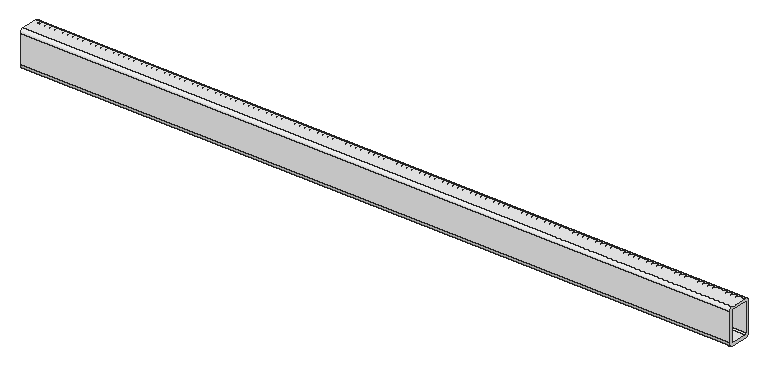
Revit family "CRV - Cortes retangulares vazados", category Quadro estrutural, Revit 2019
Family settings
  Arredondamento do comprimento do framing estrutural = 1 mm
  Forma do corte = Não definido
  Material para o comportamento do modelo = Aço
  Exportar sempre como geometria = Não
  Sempre na vertical = Sim
  Corte com vazios quando carregada = Não
  Representação simbólica = Das configurações de projeto
  Compartilhado = Não
  Exibir o pré-corte da família na vista da planta = Sim
Parameters (values of type "RHS 60x40x4")
  ro = 6 mm
  t = 4 mm
  ri = 2 mm
  W = 0.00544
  Structural Material [instance] = Metal - Aço - 250 MPa
  d = 60 mm
  b = 40 mm
  Assembly Code = ""
  Length [instance] = 1500 mm
  A = 0.000693 m²
Reference planes
  plane 1 "Centro (Frente/Trás)": y = 0
  plane 2: z = 0
  plane 3 "Centro (Esquerda/Direita)": x = 4.61
  plane 4 "Membro esquerdo": x = -604.99
  plane 5 "Membro direito": x = 614.21
  plane 6 "Direita": x = 766.61
  plane 7 "Esquerda": x = -733.39
  plane 8: y = 20
  plane 9: y = -20
  plane 10: z = -30
  plane 11: z = 30
Forms (mm)
  Sweep 1, solid, material "Metal - Aço - 250 MPa" <- "Structural Material", detail levels medium
    path origin (0, 0, 0) x (1, 0, 0) y (0, 1, 0)
      loop
        line (-604.99, 0) -> (614.21, 0)
    profile "CRV - Cortes retangulares vazados - Perfil - Médio : CRV - Cortes retangulares vazados - Perfil - Médio" origin (4.61, 0, 0) x (0, 1, 0) y (0, 0, 1)
      loop
        line (-16, 26) -> (-16, -26) -> (16, -26) -> (16, 26) -> (-16, 26)
      loop
        line (-20, 30) -> (-20, -30) -> (20, -30) -> (20, 30) -> (-20, 30)
  Sweep 2, solid, material "Metal - Aço - 250 MPa" <- "Structural Material", detail levels fine
    path origin (0, 0, 0) x (1, 0, 0) y (0, 1, 0)
      loop
        line (-604.99, 0) -> (614.21, 0)
    profile "CRV - Cortes retangulares vazados - Perfil - Alto : CRV - Cortes retangulares vazados - Perfil - Alto" origin (4.61, 0, 0) x (0, 1, 0) y (0, 0, 1)
      loop
        arc (-14, 26) -> (-15.414, 25.414) -> (-16, 24) r 2
        line (-16, 24) -> (-16, -24)
        arc (-16, -24) -> (-15.414, -25.414) -> (-14, -26) r 2
        line (-14, -26) -> (14, -26)
        arc (14, -26) -> (15.414, -25.414) -> (16, -24) r 2
        line (16, -24) -> (16, 24)
        arc (16, 24) -> (15.414, 25.414) -> (14, 26) r 2
        line (14, 26) -> (-14, 26)
      loop
        arc (-14, 30) -> (-18.243, 28.243) -> (-20, 24) r 6
        line (-20, 24) -> (-20, -24)
        arc (-20, -24) -> (-18.243, -28.243) -> (-14, -30) r 6
        line (-14, -30) -> (14, -30)
        arc (14, -30) -> (18.243, -28.243) -> (20, -24) r 6
        line (20, -24) -> (20, 24)
        arc (20, 24) -> (18.243, 28.243) -> (14, 30) r 6
        line (14, 30) -> (-14, 30)
Lines and regions (mm)
  symbolic lines, style "Símbolos de vara", detail levels coarse
    curve 1: line (-733.39, -20, 30) -> (-733.39, 20, 30)
    curve 2: line (-733.39, 20, 30) -> (-733.39, 20, -30)
    curve 3: line (-733.39, -20, -30) -> (-733.39, -20, 30)
    curve 4: line (-733.39, 20, -30) -> (-733.39, -20, -30)
  symbolic lines, style "Faces ocultas", detail levels medium+fine
    curve 5: line (-604.99, 16, 0) -> (614.21, 16, 0)
    curve 6: line (-604.99, -16, 0) -> (614.21, -16, 0)
    curve 7: line (-604.99, 0, 26) -> (614.21, 0, 26)
    curve 8: line (614.21, 0, -26) -> (-604.99, 0, -26)
Dimensions and locks
  "Length": plane 7 "Esquerda" to plane 6 "Direita"
  equal spacing: plane 8, plane 1 "Centro (Frente/Trás)", plane 9
  "b": plane 8 to plane 9
  equal spacing: plane 11, plane 2, plane 10
  "d": plane 10 to plane 11
  aligned and locked: plane 1 "Centro (Frente/Trás)" to Sweep 1 sketch curve
  aligned and locked: plane 1 "Centro (Frente/Trás)" to Sweep 2 sketch curve
  aligned and locked: curve 1 to Sweep 1
  aligned and locked: curve 2 to Sweep 1
  aligned and locked: curve 3 to Sweep 1
  aligned and locked: curve 4 to Sweep 1
  aligned and locked: curve 5 to Sweep 1
  aligned and locked: curve 6 to Sweep 1
  aligned and locked: curve 7 to Sweep 1
  aligned and locked: curve 8 to Sweep 1
  aligned and locked: plane 4 "Membro esquerdo" to Sweep 1 sketch curve
  aligned and locked: plane 5 "Membro direito" to Sweep 1 sketch curve
  aligned and locked: plane 4 "Membro esquerdo" to Sweep 2 sketch curve
  aligned and locked: plane 5 "Membro direito" to Sweep 2 sketch curve
  aligned and locked: plane 4 "Membro esquerdo" to curve 5
  aligned and locked: plane 5 "Membro direito" to curve 5
  aligned and locked: plane 4 "Membro esquerdo" to curve 6
  aligned and locked: plane 5 "Membro direito" to curve 6
  aligned and locked: plane 4 "Membro esquerdo" to curve 7
  aligned and locked: plane 5 "Membro direito" to curve 7
  aligned and locked: plane 4 "Membro esquerdo" to curve 8
  aligned and locked: plane 5 "Membro direito" to curve 8
Types in the file's own list only (229): name | ro | t | ri | W | d | b | A
  RHS 60x40x4.8 | 7 mm | 5 mm | 2 mm | 0.00654 | 60 mm | 40 mm | 0.00 m²
  RHS 60x40x5.5 | 8 mm | 6 mm | 3 mm | 0.00748 | 60 mm | 40 mm | 0.00 m²
  RHS 60x40x6.4 | 10 mm | 6 mm | 3 mm | 0.00845 | 60 mm | 40 mm | 0.00 m²
  RHS 75x50x4.8 | 7 mm | 5 mm | 2 mm | 0.00804 | 75 mm | 50 mm | 0.00 m²
  RHS 75x50x5.5 | 8 mm | 6 mm | 3 mm | 0.00914 | 75 mm | 50 mm | 0.00 m²
  RHS 75x50x6.4 | 10 mm | 6 mm | 3 mm | 0.0104 | 75 mm | 50 mm | 0.00 m²
  RHS 75x50x7.1 | 11 mm | 7 mm | 4 mm | 0.0114 | 75 mm | 50 mm | 0.00 m²
  RHS 85x40x4.8 | 7 mm | 5 mm | 2 mm | 0.00804 | 85 mm | 40 mm | 0.00 m²
  RHS 85x40x5.5 | 8 mm | 6 mm | 3 mm | 0.00914 | 85 mm | 40 mm | 0.00 m²
  RHS 85x40x6.4 | 10 mm | 6 mm | 3 mm | 0.0104 | 85 mm | 40 mm | 0.00 m²
  RHS 85x40x7.1 | 11 mm | 7 mm | 4 mm | 0.0114 | 85 mm | 40 mm | 0.00 m²
  RHS 85x60x4.8 | 7 mm | 5 mm | 2 mm | 0.00992 | 85 mm | 60 mm | 0.00 m²
  RHS 85x60x5.5 | 8 mm | 6 mm | 3 mm | 0.0113 | 85 mm | 60 mm | 0.00 m²
  RHS 85x60x6.4 | 10 mm | 6 mm | 3 mm | 0.0129 | 85 mm | 60 mm | 0.00 m²
  RHS 85x60x7.9 | 12 mm | 8 mm | 4 mm | 0.0152 | 85 mm | 60 mm | 0.00 m²
  RHS 100x50x4.8 | 7 mm | 5 mm | 2 mm | 0.00992 | 100 mm | 50 mm | 0.00 m²
  RHS 100x50x5.5 | 8 mm | 6 mm | 3 mm | 0.0113 | 100 mm | 50 mm | 0.00 m²
  RHS 100x50x6.4 | 10 mm | 6 mm | 3 mm | 0.0129 | 100 mm | 50 mm | 0.00 m²
  RHS 100x50x7.9 | 12 mm | 8 mm | 4 mm | 0.0152 | 100 mm | 50 mm | 0.00 m²
  RHS 100x75x4.8 | 7 mm | 5 mm | 2 mm | 0.0114 | 100 mm | 75 mm | 0.00 m²
  RHS 100x75x5.5 | 8 mm | 6 mm | 3 mm | 0.0136 | 100 mm | 75 mm | 0.00 m²
  RHS 100x75x6.4 | 10 mm | 6 mm | 3 mm | 0.0149 | 100 mm | 75 mm | 0.00 m²
  RHS 100x75x7.1 | 11 mm | 7 mm | 4 mm | 0.0166 | 100 mm | 75 mm | 0.00 m²
  RHS 100x75x7.9 | 12 mm | 8 mm | 4 mm | 0.0186 | 100 mm | 75 mm | 0.00 m²
  RHS 110x60x4.8 | 7 mm | 5 mm | 2 mm | 0.0114 | 110 mm | 60 mm | 0.00 m²
  RHS 110x60x5.5 | 8 mm | 6 mm | 3 mm | 0.0136 | 110 mm | 60 mm | 0.00 m²
  RHS 110x60x6.4 | 10 mm | 6 mm | 3 mm | 0.0149 | 110 mm | 60 mm | 0.00 m²
  RHS 110x60x7.1 | 11 mm | 7 mm | 4 mm | 0.0166 | 110 mm | 60 mm | 0.00 m²
  RHS 110x60x7.9 | 12 mm | 8 mm | 4 mm | 0.0186 | 110 mm | 60 mm | 0.00 m²
  RHS 110x85x4.8 | 7 mm | 5 mm | 2 mm | 0.0129 | 110 mm | 85 mm | 0.00 m²
  RHS 110x85x5.5 | 8 mm | 6 mm | 3 mm | 0.0149 | 110 mm | 85 mm | 0.00 m²
  RHS 110x85x6.4 | 10 mm | 6 mm | 3 mm | 0.0169 | 110 mm | 85 mm | 0.00 m²
  RHS 110x85x7.1 | 11 mm | 7 mm | 4 mm | 0.0189 | 110 mm | 85 mm | 0.00 m²
  RHS 110x85x8.4 | 13 mm | 8 mm | 4 mm | 0.0223 | 110 mm | 85 mm | 0.00 m²
  RHS 120x50x4.8 | 7 mm | 5 mm | 2 mm | 0.0114 | 120 mm | 50 mm | 0.00 m²
  RHS 120x50x5.5 | 8 mm | 6 mm | 3 mm | 0.0136 | 120 mm | 50 mm | 0.00 m²
  RHS 120x50x6.4 | 10 mm | 6 mm | 3 mm | 0.0149 | 120 mm | 50 mm | 0.00 m²
  RHS 120x50x7.1 | 11 mm | 7 mm | 4 mm | 0.0166 | 120 mm | 50 mm | 0.00 m²
  RHS 120x50x7.9 | 12 mm | 8 mm | 4 mm | 0.0186 | 120 mm | 50 mm | 0.00 m²
  RHS 120x75x4.8 | 7 mm | 5 mm | 2 mm | 0.0129 | 120 mm | 75 mm | 0.00 m²
  RHS 120x75x5.5 | 8 mm | 6 mm | 3 mm | 0.0149 | 120 mm | 75 mm | 0.00 m²
  RHS 120x75x6.4 | 10 mm | 6 mm | 3 mm | 0.0169 | 120 mm | 75 mm | 0.00 m²
  RHS 120x75x7.1 | 11 mm | 7 mm | 4 mm | 0.0189 | 120 mm | 75 mm | 0.00 m²
  RHS 120x75x8.4 | 13 mm | 8 mm | 4 mm | 0.0223 | 120 mm | 75 mm | 0.00 m²
  RHS 120x100x4.8 | 7 mm | 5 mm | 2 mm | 0.0144 | 120 mm | 100 mm | 0.00 m²
  RHS 120x100x5.5 | 8 mm | 6 mm | 3 mm | 0.0167 | 120 mm | 100 mm | 0.00 m²
  RHS 120x100x6.4 | 10 mm | 6 mm | 3 mm | 0.0189 | 120 mm | 100 mm | 0.00 m²
  RHS 120x100x7.1 | 11 mm | 7 mm | 4 mm | 0.0211 | 120 mm | 100 mm | 0.00 m²
  RHS 120x100x8.4 | 13 mm | 8 mm | 4 mm | 0.025 | 120 mm | 100 mm | 0.00 m²
  RHS 130x60x4.8 | 7 mm | 5 mm | 2 mm | 0.0129 | 130 mm | 60 mm | 0.00 m²
  RHS 130x60x5.5 | 8 mm | 6 mm | 3 mm | 0.0149 | 130 mm | 60 mm | 0.00 m²
  RHS 130x60x6.4 | 10 mm | 6 mm | 3 mm | 0.0169 | 130 mm | 60 mm | 0.00 m²
  RHS 130x60x7.1 | 11 mm | 7 mm | 4 mm | 0.0189 | 130 mm | 60 mm | 0.00 m²
  RHS 130x60x8.4 | 13 mm | 8 mm | 4 mm | 0.0223 | 130 mm | 60 mm | 0.00 m²
  RHS 130x85x4.8 | 7 mm | 5 mm | 2 mm | 0.0144 | 130 mm | 85 mm | 0.00 m²
  RHS 130x85x5.5 | 8 mm | 6 mm | 3 mm | 0.0167 | 130 mm | 85 mm | 0.00 m²
  RHS 130x85x6.4 | 10 mm | 6 mm | 3 mm | 0.0189 | 130 mm | 85 mm | 0.00 m²
  RHS 130x85x7.1 | 11 mm | 7 mm | 4 mm | 0.0211 | 130 mm | 85 mm | 0.00 m²
  RHS 130x85x8.4 | 13 mm | 8 mm | 4 mm | 0.025 | 130 mm | 85 mm | 0.00 m²
  RHS 130x110x4.8 | 7 mm | 5 mm | 2 mm | 0.0161 | 130 mm | 110 mm | 0.00 m²
  RHS 130x110x5.5 | 8 mm | 6 mm | 3 mm | 0.0186 | 130 mm | 110 mm | 0.00 m²
  RHS 130x110x6.4 | 10 mm | 6 mm | 3 mm | 0.0218 | 130 mm | 110 mm | 0.00 m²
  RHS 130x110x7.9 | 12 mm | 8 mm | 4 mm | 0.0261 | 130 mm | 110 mm | 0.00 m²
  RHS 130x110x9.5 | 14 mm | 10 mm | 5 mm | 0.031 | 130 mm | 110 mm | 0.00 m²
  RHS 140x75x4.8 | 7 mm | 5 mm | 2 mm | 0.0144 | 140 mm | 75 mm | 0.00 m²
  RHS 140x75x5.5 | 8 mm | 6 mm | 3 mm | 0.0167 | 140 mm | 75 mm | 0.00 m²
  RHS 140x75x6.4 | 10 mm | 6 mm | 3 mm | 0.0189 | 140 mm | 75 mm | 0.00 m²
  RHS 140x75x7.1 | 11 mm | 7 mm | 4 mm | 0.0211 | 140 mm | 75 mm | 0.00 m²
  RHS 140x75x8.4 | 13 mm | 8 mm | 4 mm | 0.025 | 140 mm | 75 mm | 0.00 m²
  RHS 140x100x4.8 | 7 mm | 5 mm | 2 mm | 0.0161 | 140 mm | 100 mm | 0.00 m²
  RHS 140x100x5.5 | 8 mm | 6 mm | 3 mm | 0.0186 | 140 mm | 100 mm | 0.00 m²
  RHS 140x100x6.4 | 10 mm | 6 mm | 3 mm | 0.0218 | 140 mm | 100 mm | 0.00 m²
  RHS 140x100x7.9 | 12 mm | 8 mm | 4 mm | 0.0261 | 140 mm | 100 mm | 0.00 m²
  RHS 140x100x9.5 | 14 mm | 10 mm | 5 mm | 0.031 | 140 mm | 100 mm | 0.00 m²
  RHS 140x120x4.8 | 7 mm | 5 mm | 2 mm | 0.0178 | 140 mm | 120 mm | 0.00 m²
  RHS 140x120x5.5 | 8 mm | 6 mm | 3 mm | 0.0206 | 140 mm | 120 mm | 0.00 m²
  RHS 140x120x6.4 | 10 mm | 6 mm | 3 mm | 0.0241 | 140 mm | 120 mm | 0.00 m²
  RHS 140x120x7.9 | 12 mm | 8 mm | 4 mm | 0.0289 | 140 mm | 120 mm | 0.00 m²
  RHS 140x120x9.5 | 14 mm | 10 mm | 5 mm | 0.0344 | 140 mm | 120 mm | 0.00 m²
  RHS 150x85x4.8 | 7 mm | 5 mm | 2 mm | 0.0161 | 150 mm | 85 mm | 0.00 m²
  RHS 150x85x5.5 | 8 mm | 6 mm | 3 mm | 0.0186 | 150 mm | 85 mm | 0.00 m²
  RHS 150x85x6.4 | 10 mm | 6 mm | 3 mm | 0.0218 | 150 mm | 85 mm | 0.00 m²
  RHS 150x85x7.9 | 12 mm | 8 mm | 4 mm | 0.0261 | 150 mm | 85 mm | 0.00 m²
  RHS 150x85x9.5 | 14 mm | 10 mm | 5 mm | 0.031 | 150 mm | 85 mm | 0.00 m²
  RHS 150x110x4.8 | 7 mm | 5 mm | 2 mm | 0.0178 | 150 mm | 110 mm | 0.00 m²
  RHS 150x110x5.5 | 8 mm | 6 mm | 3 mm | 0.0206 | 150 mm | 110 mm | 0.00 m²
  RHS 150x110x6.4 | 10 mm | 6 mm | 3 mm | 0.0242 | 150 mm | 110 mm | 0.00 m²
  RHS 150x110x7.9 | 12 mm | 8 mm | 4 mm | 0.0289 | 150 mm | 110 mm | 0.00 m²
  RHS 150x110x9.5 | 14 mm | 10 mm | 5 mm | 0.0344 | 150 mm | 110 mm | 0.00 m²
  RHS 150x130x4.8 | 7 mm | 5 mm | 2 mm | 0.0194 | 150 mm | 130 mm | 0.00 m²
  RHS 150x130x6.4 | 10 mm | 6 mm | 3 mm | 0.0254 | 150 mm | 130 mm | 0.00 m²
  RHS 150x130x7.1 | 11 mm | 7 mm | 4 mm | 0.0283 | 150 mm | 130 mm | 0.00 m²
  RHS 150x130x9.5 | 14 mm | 10 mm | 5 mm | 0.0373 | 150 mm | 130 mm | 0.00 m²
  RHS 150x130x11.1 | 17 mm | 11 mm | 6 mm | 0.0426 | 150 mm | 130 mm | 0.01 m²
  RHS 160x100x4.8 | 7 mm | 5 mm | 2 mm | 0.0178 | 160 mm | 100 mm | 0.00 m²
  RHS 160x100x5.5 | 8 mm | 6 mm | 3 mm | 0.0206 | 160 mm | 100 mm | 0.00 m²
  RHS 160x100x6.4 | 10 mm | 6 mm | 3 mm | 0.0241 | 160 mm | 100 mm | 0.00 m²
  RHS 160x100x7.9 | 12 mm | 8 mm | 4 mm | 0.0289 | 160 mm | 100 mm | 0.00 m²
  RHS 160x100x9.5 | 14 mm | 10 mm | 5 mm | 0.0344 | 160 mm | 100 mm | 0.00 m²
  RHS 160x120x4.8 | 7 mm | 5 mm | 2 mm | 0.0194 | 160 mm | 120 mm | 0.00 m²
  RHS 160x120x6.4 | 10 mm | 6 mm | 3 mm | 0.0254 | 160 mm | 120 mm | 0.00 m²
  RHS 160x120x7.1 | 11 mm | 7 mm | 4 mm | 0.0283 | 160 mm | 120 mm | 0.00 m²
  RHS 160x120x9.5 | 14 mm | 10 mm | 5 mm | 0.0373 | 160 mm | 120 mm | 0.00 m²
  RHS 160x120x10.3 | 15 mm | 10 mm | 5 mm | 0.0426 | 160 mm | 120 mm | 0.01 m²
  RHS 160x140x4.8 | 7 mm | 5 mm | 2 mm | 0.0205 | 160 mm | 140 mm | 0.00 m²
  RHS 160x140x6.4 | 10 mm | 6 mm | 3 mm | 0.0269 | 160 mm | 140 mm | 0.00 m²
  RHS 160x140x7.1 | 11 mm | 7 mm | 4 mm | 0.0299 | 160 mm | 140 mm | 0.00 m²
  RHS 160x140x9.5 | 14 mm | 10 mm | 5 mm | 0.0396 | 160 mm | 140 mm | 0.01 m²
  RHS 160x140x11.1 | 17 mm | 11 mm | 6 mm | 0.0451 | 160 mm | 140 mm | 0.01 m²
  RHS 180x100x4.8 | 7 mm | 5 mm | 2 mm | 0.0194 | 180 mm | 100 mm | 0.00 m²
  RHS 180x100x6.4 | 10 mm | 6 mm | 3 mm | 0.0254 | 180 mm | 100 mm | 0.00 m²
  RHS 180x100x7.1 | 11 mm | 7 mm | 4 mm | 0.0283 | 180 mm | 100 mm | 0.00 m²
  RHS 180x100x9.5 | 14 mm | 10 mm | 5 mm | 0.0373 | 180 mm | 100 mm | 0.00 m²
  RHS 180x100x10.3 | 15 mm | 10 mm | 5 mm | 0.0426 | 180 mm | 100 mm | 0.01 m²
  RHS 180x120x4.8 | 7 mm | 5 mm | 2 mm | 0.0205 | 180 mm | 120 mm | 0.00 m²
  RHS 180x120x6.4 | 10 mm | 6 mm | 3 mm | 0.0269 | 180 mm | 120 mm | 0.00 m²
  RHS 180x120x7.1 | 11 mm | 7 mm | 4 mm | 0.0299 | 180 mm | 120 mm | 0.00 m²
  RHS 180x120x9.5 | 14 mm | 10 mm | 5 mm | 0.0396 | 180 mm | 120 mm | 0.01 m²
  RHS 180x120x11.1 | 17 mm | 11 mm | 6 mm | 0.0451 | 180 mm | 120 mm | 0.01 m²
  RHS 180x140x6.4 | 10 mm | 6 mm | 3 mm | 0.0296 | 180 mm | 140 mm | 0.00 m²
  RHS 180x140x7.1 | 11 mm | 7 mm | 4 mm | 0.0326 | 180 mm | 140 mm | 0.00 m²
  RHS 180x140x7.9 | 12 mm | 8 mm | 4 mm | 0.0375 | 180 mm | 140 mm | 0.00 m²
  RHS 180x140x9.5 | 14 mm | 10 mm | 5 mm | 0.0435 | 180 mm | 140 mm | 0.01 m²
  RHS 180x140x12.7 | 19 mm | 13 mm | 6 mm | 0.0567 | 180 mm | 140 mm | 0.01 m²
  RHS 200x100x4.8 | 7 mm | 5 mm | 2 mm | 0.0205 | 200 mm | 100 mm | 0.00 m²
  RHS 200x100x6.4 | 10 mm | 6 mm | 3 mm | 0.0269 | 200 mm | 100 mm | 0.00 m²
  RHS 200x100x7.1 | 11 mm | 7 mm | 4 mm | 0.0299 | 200 mm | 100 mm | 0.00 m²
  RHS 200x100x9.5 | 14 mm | 10 mm | 5 mm | 0.0495 | 200 mm | 100 mm | 0.01 m²
  RHS 200x120x6.4 | 10 mm | 6 mm | 3 mm | 0.0296 | 200 mm | 120 mm | 0.00 m²
  RHS 200x120x7.1 | 11 mm | 7 mm | 4 mm | 0.0326 | 200 mm | 120 mm | 0.00 m²
  RHS 200x120x7.9 | 12 mm | 8 mm | 4 mm | 0.0375 | 200 mm | 120 mm | 0.00 m²
  RHS 200x120x9.5 | 14 mm | 10 mm | 5 mm | 0.0435 | 200 mm | 120 mm | 0.01 m²
  RHS 200x120x12.7 | 19 mm | 13 mm | 6 mm | 0.0567 | 200 mm | 120 mm | 0.01 m²
  RHS 200x160x6.4 | 10 mm | 6 mm | 3 mm | 0.0336 | 200 mm | 160 mm | 0.00 m²
  RHS 200x160x7.1 | 11 mm | 7 mm | 4 mm | 0.0371 | 200 mm | 160 mm | 0.00 m²
  RHS 200x160x7.9 | 12 mm | 8 mm | 4 mm | 0.0427 | 200 mm | 160 mm | 0.01 m²
  RHS 200x160x9.5 | 14 mm | 10 mm | 5 mm | 0.0495 | 200 mm | 160 mm | 0.01 m²
  RHS 200x160x10.3 | 15 mm | 10 mm | 5 mm | 0.0451 | 200 mm | 160 mm | 0.01 m²
  RHS 200x160x12.7 | 19 mm | 13 mm | 6 mm | 0.0646 | 200 mm | 160 mm | 0.01 m²
  RHS 225x110x6.4 | 10 mm | 6 mm | 3 mm | 0.0296 | 225 mm | 110 mm | 0.00 m²
  RHS 225x110x7.1 | 11 mm | 7 mm | 4 mm | 0.0326 | 225 mm | 110 mm | 0.00 m²
  RHS 225x110x7.9 | 12 mm | 8 mm | 4 mm | 0.0375 | 225 mm | 110 mm | 0.00 m²
  RHS 225x110x9.5 | 14 mm | 10 mm | 5 mm | 0.0554 | 225 mm | 110 mm | 0.01 m²
  RHS 225x110x12.7 | 19 mm | 13 mm | 6 mm | 0.0567 | 225 mm | 110 mm | 0.01 m²
  RHS 225x140x6.4 | 10 mm | 6 mm | 3 mm | 0.0336 | 225 mm | 140 mm | 0.00 m²
  RHS 225x140x7.1 | 11 mm | 7 mm | 4 mm | 0.0371 | 225 mm | 140 mm | 0.00 m²
  RHS 225x140x7.9 | 12 mm | 8 mm | 4 mm | 0.0427 | 225 mm | 140 mm | 0.01 m²
  RHS 225x140x9.5 | 14 mm | 10 mm | 5 mm | 0.0495 | 225 mm | 140 mm | 0.01 m²
  RHS 225x140x12.7 | 19 mm | 13 mm | 6 mm | 0.0646 | 225 mm | 140 mm | 0.01 m²
  RHS 225x180x6.4 | 10 mm | 6 mm | 3 mm | 0.0376 | 225 mm | 180 mm | 0.00 m²
  RHS 225x180x7.1 | 11 mm | 7 mm | 4 mm | 0.0415 | 225 mm | 180 mm | 0.01 m²
  RHS 225x180x7.9 | 12 mm | 8 mm | 4 mm | 0.0478 | 225 mm | 180 mm | 0.01 m²
  RHS 225x180x9.5 | 14 mm | 10 mm | 5 mm | 0.0554 | 225 mm | 180 mm | 0.01 m²
  RHS 225x180x12.7 | 19 mm | 13 mm | 6 mm | 0.0726 | 225 mm | 180 mm | 0.01 m²
  RHS 245x120x6.4 | 10 mm | 6 mm | 3 mm | 0.0336 | 245 mm | 120 mm | 0.00 m²
  RHS 245x120x7.1 | 11 mm | 7 mm | 4 mm | 0.0371 | 245 mm | 120 mm | 0.00 m²
  RHS 245x120x7.9 | 12 mm | 8 mm | 4 mm | 0.0427 | 245 mm | 120 mm | 0.01 m²
  RHS 245x120x9.5 | 14 mm | 10 mm | 5 mm | 0.0605 | 245 mm | 120 mm | 0.01 m²
  RHS 245x120x12.7 | 19 mm | 13 mm | 6 mm | 0.0646 | 245 mm | 120 mm | 0.01 m²
  RHS 245x160x6.4 | 10 mm | 6 mm | 3 mm | 0.0376 | 245 mm | 160 mm | 0.00 m²
  RHS 245x160x7.1 | 11 mm | 7 mm | 4 mm | 0.0415 | 245 mm | 160 mm | 0.01 m²
  RHS 245x160x7.9 | 12 mm | 8 mm | 4 mm | 0.0478 | 245 mm | 160 mm | 0.01 m²
  RHS 245x160x9.5 | 14 mm | 10 mm | 5 mm | 0.0554 | 245 mm | 160 mm | 0.01 m²
  RHS 245x160x12.7 | 19 mm | 13 mm | 6 mm | 0.0726 | 245 mm | 160 mm | 0.01 m²
  RHS 245x200x6.4 | 10 mm | 6 mm | 3 mm | 0.0421 | 245 mm | 200 mm | 0.01 m²
  RHS 245x200x7.9 | 12 mm | 8 mm | 4 mm | 0.051 | 245 mm | 200 mm | 0.01 m²
  RHS 245x200x8.4 | 13 mm | 8 mm | 4 mm | 0.0567 | 245 mm | 200 mm | 0.01 m²
  RHS 245x200x9.5 | 14 mm | 10 mm | 5 mm | 0.0605 | 245 mm | 200 mm | 0.01 m²
  RHS 245x200x12.7 | 19 mm | 13 mm | 6 mm | 0.0815 | 245 mm | 200 mm | 0.01 m²
  RHS 265x140x6.4 | 10 mm | 6 mm | 3 mm | 0.0376 | 265 mm | 140 mm | 0.00 m²
  RHS 265x140x7.1 | 11 mm | 7 mm | 4 mm | 0.0415 | 265 mm | 140 mm | 0.01 m²
  RHS 265x140x7.9 | 12 mm | 8 mm | 4 mm | 0.0478 | 265 mm | 140 mm | 0.01 m²
  RHS 265x140x9.5 | 14 mm | 10 mm | 5 mm | 0.0663 | 265 mm | 140 mm | 0.01 m²
  RHS 265x140x12.7 | 19 mm | 13 mm | 6 mm | 0.0726 | 265 mm | 140 mm | 0.01 m²
  RHS 265x180x6.4 | 10 mm | 6 mm | 3 mm | 0.0421 | 265 mm | 180 mm | 0.01 m²
  RHS 265x180x7.9 | 12 mm | 8 mm | 4 mm | 0.051 | 265 mm | 180 mm | 0.01 m²
  RHS 265x180x8.4 | 13 mm | 8 mm | 4 mm | 0.0567 | 265 mm | 180 mm | 0.01 m²
  RHS 265x180x9.5 | 14 mm | 10 mm | 5 mm | 0.0605 | 265 mm | 180 mm | 0.01 m²
  RHS 265x180x12.7 | 19 mm | 13 mm | 6 mm | 0.0815 | 265 mm | 180 mm | 0.01 m²
  RHS 265x225x6.4 | 10 mm | 6 mm | 3 mm | 0.0461 | 265 mm | 225 mm | 0.01 m²
  RHS 265x225x7.9 | 12 mm | 8 mm | 4 mm | 0.0559 | 265 mm | 225 mm | 0.01 m²
  RHS 265x225x8.4 | 13 mm | 8 mm | 4 mm | 0.0622 | 265 mm | 225 mm | 0.01 m²
  RHS 265x225x9.5 | 14 mm | 10 mm | 5 mm | 0.0663 | 265 mm | 225 mm | 0.01 m²
  RHS 265x225x12.7 | 19 mm | 13 mm | 6 mm | 0.0895 | 265 mm | 225 mm | 0.01 m²
  RHS 290x160x6.4 | 10 mm | 6 mm | 3 mm | 0.0421 | 290 mm | 160 mm | 0.01 m²
  RHS 290x160x7.9 | 12 mm | 8 mm | 4 mm | 0.051 | 290 mm | 160 mm | 0.01 m²
  RHS 290x160x8.4 | 13 mm | 8 mm | 4 mm | 0.0567 | 290 mm | 160 mm | 0.01 m²
  RHS 290x160x9.5 | 14 mm | 10 mm | 5 mm | 0.0736 | 290 mm | 160 mm | 0.01 m²
  RHS 290x160x12.7 | 19 mm | 13 mm | 6 mm | 0.0815 | 290 mm | 160 mm | 0.01 m²
  RHS 290x200x6.4 | 10 mm | 6 mm | 3 mm | 0.0461 | 290 mm | 200 mm | 0.01 m²
  RHS 290x200x7.9 | 12 mm | 8 mm | 4 mm | 0.0559 | 290 mm | 200 mm | 0.01 m²
  RHS 290x200x8.4 | 13 mm | 8 mm | 4 mm | 0.0622 | 290 mm | 200 mm | 0.01 m²
  RHS 290x200x9.5 | 14 mm | 10 mm | 5 mm | 0.0663 | 290 mm | 200 mm | 0.01 m²
  RHS 290x200x12.7 | 19 mm | 13 mm | 6 mm | 0.0895 | 290 mm | 200 mm | 0.01 m²
  RHS 290x245x7.1 | 11 mm | 7 mm | 4 mm | 0.0555 | 290 mm | 245 mm | 0.01 m²
  RHS 290x245x8.4 | 13 mm | 8 mm | 4 mm | 0.0676 | 290 mm | 245 mm | 0.01 m²
  RHS 290x245x9.5 | 14 mm | 10 mm | 5 mm | 0.0736 | 290 mm | 245 mm | 0.01 m²
  RHS 290x245x10.3 | 15 mm | 10 mm | 5 mm | 0.0796 | 290 mm | 245 mm | 0.01 m²
  RHS 290x245x12.7 | 19 mm | 13 mm | 6 mm | 0.0974 | 290 mm | 245 mm | 0.01 m²
  RHS 310x180x6.4 | 10 mm | 6 mm | 3 mm | 0.0461 | 310 mm | 180 mm | 0.01 m²
  RHS 310x180x7.9 | 12 mm | 8 mm | 4 mm | 0.0559 | 310 mm | 180 mm | 0.01 m²
  RHS 310x180x8.4 | 13 mm | 8 mm | 4 mm | 0.0622 | 310 mm | 180 mm | 0.01 m²
  RHS 310x180x9.5 | 14 mm | 10 mm | 5 mm | 0.0663 | 310 mm | 180 mm | 0.01 m²
  RHS 310x180x12.7 | 19 mm | 13 mm | 6 mm | 0.0895 | 310 mm | 180 mm | 0.01 m²
  RHS 310x225x7.1 | 11 mm | 7 mm | 4 mm | 0.0555 | 310 mm | 225 mm | 0.01 m²
  RHS 310x225x8.4 | 13 mm | 8 mm | 4 mm | 0.0676 | 310 mm | 225 mm | 0.01 m²
  RHS 310x225x9.5 | 14 mm | 10 mm | 5 mm | 0.0736 | 310 mm | 225 mm | 0.01 m²
  RHS 310x225x10.3 | 15 mm | 10 mm | 5 mm | 0.0796 | 310 mm | 225 mm | 0.01 m²
  RHS 310x225x12.7 | 19 mm | 13 mm | 6 mm | 0.0974 | 310 mm | 225 mm | 0.01 m²
  RHS 310x265x8.4 | 13 mm | 8 mm | 4 mm | 0.0744 | 310 mm | 265 mm | 0.01 m²
  RHS 310x265x9.5 | 14 mm | 10 mm | 5 mm | 0.0811 | 310 mm | 265 mm | 0.01 m²
  RHS 310x265x10.3 | 15 mm | 10 mm | 5 mm | 0.0877 | 310 mm | 265 mm | 0.01 m²
  RHS 310x265x11.1 | 17 mm | 11 mm | 6 mm | 0.0943 | 310 mm | 265 mm | 0.01 m²
  RHS 310x265x12.7 | 19 mm | 13 mm | 6 mm | 0.107 | 310 mm | 265 mm | 0.01 m²
  RHS 330x200x7.1 | 11 mm | 7 mm | 4 mm | 0.0555 | 330 mm | 200 mm | 0.01 m²
  RHS 330x200x8.4 | 13 mm | 8 mm | 4 mm | 0.0676 | 330 mm | 200 mm | 0.01 m²
  RHS 330x200x9.5 | 14 mm | 10 mm | 5 mm | 0.0736 | 330 mm | 200 mm | 0.01 m²
  RHS 330x200x10.3 | 15 mm | 10 mm | 5 mm | 0.0796 | 330 mm | 200 mm | 0.01 m²
  RHS 330x200x12.7 | 19 mm | 13 mm | 6 mm | 0.0974 | 330 mm | 200 mm | 0.01 m²
  RHS 330x245x8.4 | 13 mm | 8 mm | 4 mm | 0.0744 | 330 mm | 245 mm | 0.01 m²
  RHS 330x245x9.5 | 14 mm | 10 mm | 5 mm | 0.0811 | 330 mm | 245 mm | 0.01 m²
  RHS 330x245x10.3 | 15 mm | 10 mm | 5 mm | 0.0877 | 330 mm | 245 mm | 0.01 m²
  RHS 330x245x11.1 | 17 mm | 11 mm | 6 mm | 0.0943 | 330 mm | 245 mm | 0.01 m²
  RHS 330x245x12.7 | 19 mm | 13 mm | 6 mm | 0.107 | 330 mm | 245 mm | 0.01 m²
  RHS 360x225x8.4 | 13 mm | 8 mm | 4 mm | 0.0744 | 360 mm | 225 mm | 0.01 m²
  RHS 360x225x9.5 | 14 mm | 10 mm | 5 mm | 0.0811 | 360 mm | 225 mm | 0.01 m²
  RHS 360x225x10.3 | 15 mm | 10 mm | 5 mm | 0.0877 | 360 mm | 225 mm | 0.01 m²
  RHS 360x225x11.1 | 17 mm | 11 mm | 6 mm | 0.0943 | 360 mm | 225 mm | 0.01 m²
  RHS 360x225x12.7 | 19 mm | 13 mm | 6 mm | 0.107 | 360 mm | 225 mm | 0.01 m²
